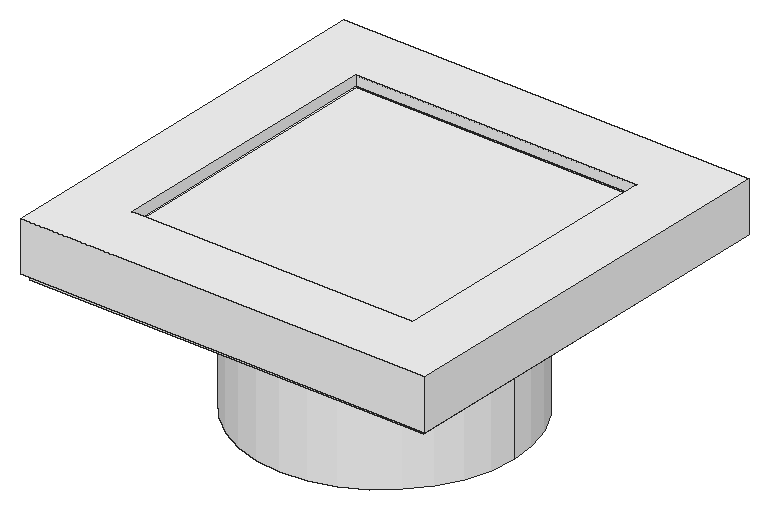
Revit family "Gira_012526", category Electrical Fixtures, host Face, Revit 2017
Family settings
  Host = Face
  Maintain Annotation Orientation = Yes
  Round Connector Dimension = Use Diameter
  Part Type = Normal
  Cut with Voids When Loaded = No
  Shared = No
  Room Calculation Point = No
Parameters (values of type "Tastschalter Serien System 55 F Alu")
  Zusammenstellung = "Basiselement mit zentraler Abdeckplatte"
  White [instance] = White
  Werkstoffgüte = "sonstige"
  Werkstoff = "sonstige"
  Waschmaschinenschalter = "No"
  URL = "http://katalog.gira.de/de_DE/datenblatt.html?artikelnr=012526"
  Textfeld/Beschriftungsfläche = "nein"
  Tastschalter = "Yes"
  Schaltungsart = "Serienschalter"
  Rückmeldekontakt = "No"
  Region = "DE"
  Oberfläche = "sonstige"
  Nennspannung = "250 Volt"
  Name = "Tastschalter Serien System 55 F Alu"
  Montageart = "unter Putz"
  Model = "Sys55_Komplettgerät_Schalten und Tasten"
  Mit Montageplatte = "No"
  Manufacturer URL = "https://www.gira.de/"
  HeinzeBIM = "https://bimportal.heinze.de/bim/tastschalter-serien-system-55-f-alu/acc8ac6d767d345bf60bb164ab3f88fc6a1402a6"
  Halogenfrei = "No"
  HAN = "012526"
  Geeignet für Schutzart (IP) = "IP20"
  GTIN = "4010337125266"
  Farbe = "aluminium"
  Default Elevation = 1219.2 mm
  Data sheet (1) = "https://katalog.gira.de/de_DE/download.html?artikelnr=012526"
  Category = "Installationsschalter"
  Bemessungsstrom = "10 Ampere"
  Beleuchtung = "nein"
  Befestigungsart = "Krallen-/Schraubbefestigung"
  Bedienungsart = "Wippe/Taste"
  Available = "Yes"
  Anzahl der Module (bei Modulbauweise) = "1 "
  Anzahl der Betätigungswippen = "2 "
  Anschlussart = "Steckklemme"
Reference planes
  plane 1 "Center (Front/Back)": y = 0
  plane 2: z = 0
  plane 3 "Center (Left/Right)": x = 0
Forms (mm)
  Extrusion 1, solid, material "White" <- "White", detail levels medium
    sketch origin (0, 0, 0) x (1, 0, 0) y (0, 1, 0)
      loop
        line (-40.4, 40.4) -> (-40.4, -40.4) -> (40.4, -40.4) -> (40.4, 40.4) -> (-40.4, 40.4)
      loop
        line (-28, 28) -> (-28, -28) -> (28, -28) -> (28, 28) -> (-28, 28)
    from 0 to 10
  Extrusion 2, solid, material "White" <- "White", detail levels fine
    sketch origin (0, 0, 0) x (1, 0, 0) y (0, 1, 0)
      loop
        line (-40.4, 40.4) -> (-40.4, -40.4) -> (40.4, -40.4) -> (40.4, 40.4) -> (-40.4, 40.4)
      loop
        line (-28, 28) -> (-28, -28) -> (28, -28) -> (28, 28) -> (-28, 28)
    from 0 to 10
  Extrusion 3, void
    sketch origin (0, 0, 0) x (1, 0, 0) y (0, 1, 0)
      loop
        line (-38.4, 38.4) -> (-38.4, -38.4) -> (38.4, -38.4) -> (38.4, 38.4) -> (-38.4, 38.4)
    from 0 to 8
  Extrusion 4, solid, material "White" <- "White", detail levels medium+fine
    sketch origin (0, 0, 0) x (1, 0, 0) y (0, 1, 0)
      loop
        line (-39.4, 39.4) -> (-39.4, -39.4) -> (39.4, -39.4) -> (39.4, 39.4) -> (-39.4, 39.4)
    from 0 to -1
  Extrusion 5, solid, material "White" <- "White", detail levels medium+fine
    sketch origin (0, 0, 0) x (1, 0, 0) y (0, 1, 0)
      loop
        line (-35.5, 35.5) -> (-35.5, -35.5) -> (35.5, -35.5) -> (35.5, 35.5) -> (-35.5, 35.5)
    from -2 to -3
  Extrusion 6, solid, material "White" <- "White", detail levels medium+fine
    sketch origin (0, 0, 0) x (1, 0, 0) y (0, 1, 0)
      loop
        circle (0, 0) r 26
    from 0 to -27.5
  Extrusion 7, solid, material "White" <- "White", detail levels coarse
    sketch origin (0, 0, 0) x (1, 0, 0) y (0, 1, 0)
      loop
        line (-40.4, 40.4) -> (-40.4, -40.4) -> (40.4, -40.4) -> (40.4, 40.4) -> (-40.4, 40.4)
    from -27.5 to 10
Cuts and joins
  Extrusion 3 cuts Extrusion 2
Dimensions and locks
  aligned and locked: plane 2 to host face
  aligned and locked: level to host face
  aligned and locked: plane 3 "Center (Left/Right)" to nested 2
  aligned and locked: plane 1 "Center (Front/Back)" to nested 2
Nested families
  nested 1: "Sys55_Abdeckung_Schalten und Tasten_floor_base" at (0, 0, 0), type "Sys55_Abdeckung_Schalten und Tasten_floor_base"
  nested 2: "Schalter" at (0, 0, 0), type "Schalter"
Connectors
  electrical at (0, 0, -27.5)
    settings: on Extrusion 6, index 1, voltage 220 V, apparent load 0 VA, apparent load phase1 0 VA, apparent load phase2 0 VA, apparent load phase3 0 VA, power factor 1, load classification "Other", number of poles 1, system type 30, power factor state 1, is connector primary yes, connector utility no, sub classification motor no, connector description ""
Definition of nested family "Sys55_Abdeckung_Schalten und Tasten_floor_base"
  Parameters
    Default Elevation = 1219.2 mm
    White [instance] = none
  Reference planes
    plane 1 "Center (Front/Back)": y = 0
    plane 2: z = 0
    plane 3 "Center (Left/Right)": x = 0
  Forms (mm)
    Extrusion 1, solid
      sketch origin (0, 0, 0) x (1, 0, 0) y (0, 1, 0)
        loop
          line (-1219.2, 1219.2) -> (-1219.2, -1219.2) -> (1219.2, -1219.2) -> (1219.2, 1219.2) -> (-1219.2, 1219.2)
      from 0 to -304.8
    Extrusion 2, solid, material <- "White", detail levels fine
      sketch origin (0, 0, 0) x (1, 0, 0) y (0, 1, 0)
        loop
          line (-27.5, 27.5) -> (-27.5, -27.5) -> (27.5, -27.5) -> (27.5, 27.5) -> (-27.5, 27.5)
      from 0 to 8
    Extrusion 3, void
      sketch origin (0, 0, 0) x (1, 0, 0) y (0, 1, 0)
        loop
          line (26, 26) -> (-26, 26) -> (-26, -26) -> (26, -26) -> (26, 26)
      from 0 to 6
    Extrusion 4, solid, material <- "White", detail levels medium
      sketch origin (0, 0, 0) x (1, 0, 0) y (0, 1, 0)
        loop
          line (-27.5, 27.5) -> (-27.5, -27.5) -> (27.5, -27.5) -> (27.5, 27.5) -> (-27.5, 27.5)
      from 0 to 8
    Extrusion 5, solid, material <- "White", detail levels medium
      sketch origin (0, 0, 0) x (1, 0, 0) y (0, 1, 0)
        loop
          line (11, -17.5) -> (11, 17.5) -> (-11, 17.5) -> (-11, -17.5) -> (11, -17.5)
      from -6 to 6
    Extrusion 6, solid, material <- "White", detail levels fine
      sketch origin (0, 0, 0) x (1, 0, 0) y (0, 1, 0)
        loop
          line (11, 17.5) -> (-11, 17.5) -> (-11, 16.5) -> (11, 16.5) -> (11, 17.5)
        loop
          line (-11, -16.5) -> (-11, -17.5) -> (11, -17.5) -> (11, -16.5) -> (-11, -16.5)
      from -4 to 6
    Extrusion 7, solid, material <- "White", detail levels fine
      sketch origin (0, 0, 0) x (1, 0, 0) y (0, 1, 0)
        loop
          arc (5, 9.347) -> (0, 10.6) -> (-5, 9.347) r 10.6
          line (-5, 9.347) -> (-5, -9.347)
          arc (-5, -9.347) -> (0, -10.6) -> (5, -9.347) r 10.6
          line (5, -9.347) -> (5, 9.347)
      from -6 to 6
    Extrusion 8, solid, material <- "White", detail levels coarse
      sketch origin (0, 0, 0) x (1, 0, 0) y (0, 1, 0)
        loop
          line (-27.5, 27.5) -> (-27.5, -27.5) -> (27.5, -27.5) -> (27.5, 27.5) -> (-27.5, 27.5)
      from -6 to 8
  Cuts and joins
    Extrusion 3 cuts Extrusion 2
  Dimensions and locks
    aligned and locked: plane 2 to Extrusion 1
    aligned and locked: level to Extrusion 1
Definition of nested family "Schalter"
  Reference planes
    plane 1: y = 0
    plane 2: x = 0
  Lines and regions (mm)
    detail lines
      curve 1: circle (1.375, 2.778, 0) r 0.8 normal (0, 0, 1)
      curve 2: line (1.021, 2.061, 0) -> (0, 0, 0)
      curve 3: line (0, 0, 0) -> (-0.538, 0.266, 0)
  Dimensions and locks
    curve 2 to curve 2 = 2.3 mm
    curve 3 to curve 2 = 0.6 mm
    radius of curve 1 = 0.8 mm
